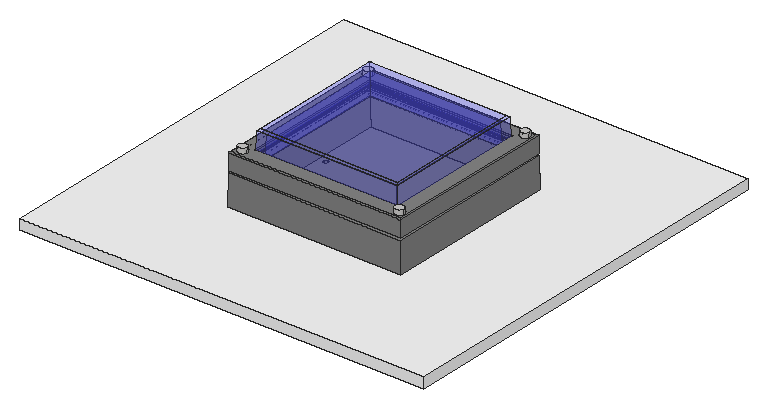
Revit family "BE_22663_de_DE", category Leuchten, Revit 2020
Family settings
  Basisbauteil = Fläche
  Bemaßung runder Anschluss = Durchmesser verwenden
  Teiletyp = Normal
  Beim Laden mit Abzugskörper schneiden = Ja
  Lichtquelle = Ja
  Gemeinsam genutzt = Nein
  Raumberechnungspunkt = Ja
Parameters (values of type "BEGA_22663_Grafit_K4")
  built-in parameter 1150104 = 11.613 (stored number, unit not read)
  Wattage = 4.2 W
  Default Elevation = 0 mm
  built-in parameter 1150113 = 1 (stored number, unit not read)
  built-in parameter 1114218 = 1 (stored number, unit not read)
  Umgebungstemperatur = "25 °C"
  URL = "https://www.bega.com/de/produkt/22663"
  Typenkommentare = "© 2022 BEGA. Wir behalten uns das Recht vor, technische Änderungen ohne vorherige Ankündigung vorzunehmen."  # constant formula
  Type Image = 22663.png
  built-in parameter 1150134 = 12
  built-in parameter 1150109 = 1 (stored number, unit not read)
  Strom = ""
  built-in parameter 1150110 = 1 (stored number, unit not read)
  Spannung = 239.996 V
  Sonderanfertigung = no
  Seriennummer [instance] = "Hier können Sie die eindeutige Seriennummer für das Facility Management eintragen."
  Schutzklasse = "I"
  Schutzart = "IP 65"
  Scheinlast = 0 VA
  Produktdatenblatt = "https://cdn.bega.com/bega/products/22663K4/current/documents/data-sheets/de"
  Oberflächentemperatur = ""
  Neigungswinkel = 0.00°
  Modell = "22663K4"
  Material_11 = BEGA_Glas_opal
  Material_06 = BEGA_Oberfläche_Edelstahl_gebürstet
  Material_02 = BEGA_Oberfläche_Silber_matt
  Material_01 [instance] = BEGA_Oberfläche_Grafit_matt
  M_W = no
  M_G = yes
  M_A = no
  Logo = 0
  built-in parameter 1114217 = 1 (stored number, unit not read)
  built-in parameter 1150139 = (empty or 0)
  built-in parameter 1150105 = 150.39 (stored number, unit not read)
  built-in parameter 1150114 = 1 (stored number, unit not read)
  Lumens = 525 lm
  built-in parameter 1150115 = 1 (stored number, unit not read)
  Leuchtenlichtstrom = "274 lm"
  Leuchtenanzahl = ""
  Lebensdauerkriterien = "L70B50 @ 25 °C = 200000 h"
  Lastklassifizierung = Beleuchtung
  built-in parameter 1150112 = 1 (stored number, unit not read)
  Lampenlichtstrom = "580 lm"
  Lampe = "LED 2.9 W"
  LED_Modulbezeichnung = "LED-0280/840"
  built-in parameter 1150142 = (empty or 0)
  Hersteller = "BEGA"  # constant formula
  Halbstreuwinkel = ""
  Gewicht = "1.3 kg"
  Gebrauchslageneinschränkung [instance] = ""
  Frequenz = "0/50-60 Hz"
  Farbwiedergabeindex = "CRI > 80"
  Farbtemperaturverschiebung bei Dämpfen der Lampe = <Keine Auswahl>
  Farbtemperatur = "4000 K"
  Color Filter = 16777215
  built-in parameter 1150133 = 10 (stored number, unit not read)
  Energieeffizienzklasse = "LED A++ - A"
  built-in parameter 1150137 = (empty or 0)
  built-in parameter 1150132 = (empty or 0)
  ENEC = "ja"
  Datei für fotometrisches Netz = "BE_22663K4.IES"
  CE_Konformität = "ja"
  Bestellnummer = "22663K4"
  Beschreibung_Sonderanfertigung = "Hier können Sie Informationen zur Sonderanfertigung eintragen."
  Beschreibung = "Decken- und Wandleuchte"
  built-in parameter 1150106 = 1.5039 (stored number, unit not read)
  Befestigungsbohrung = "Ø 4,3 mm"
  Befestigungsabstand = "115 mm"
  Ballwurfsicher = ""
  BEGA_Intern_aus = yes
  BEGA_Intern_an = yes
  BEGA_Intern_Konstruktion = yes
  BEGA_Intern = yes
  BEGA_IES3 = yes
  BEGA_IES2 = yes
  BEGA_IES1 = yes
  BEGA_IES = yes
  BEGA_Dummy = no
  Anschlussleitung = ""
  Anschlussleistung [instance] = "4 W"
  built-in parameter 1150107 = 4000 (stored number, unit not read)
  built-in parameter 1150102 = (empty or 0)
  built-in parameter 1150138 = (empty or 0)
  Aktualisierung = "2022-05-18T04:00:07"
  Abstand_zur_angestrahlten_Fläche [instance] = ""
  AC/DC = "AC/DC"
Types (2, lengths in mm): name | built-in parameter 1150104 | built-in parameter 1150134 | Modell | built-in parameter 1150105 | Lumens | Leuchtenlichtstrom | Lampenlichtstrom | LED_Modulbezeichnung | Farbtemperatur | Datei für fotometrisches Netz | Bestellnummer | built-in parameter 1150106 | built-in parameter 1150107
  BEGA_22663_Grafit_K4 | 11.613 (stored number, unit not read) | 12 | "22663K4" | 150.39 (stored number, unit not read) | 525 lm | "274 lm" | "580 lm" | "LED-0280/840" | "4000 K" | "BE_22663K4.IES" | "22663K4" | 1.5039 (stored number, unit not read) | 4000 (stored number, unit not read)
  BEGA_22663_Grafit_K3 | 10.839 (stored number, unit not read) | (empty or 0) | "22663K3" | 140.45 (stored number, unit not read) | 490.014 lm | "267 lm" | "565 lm" | "LED-0280/830" | "3000 K" | "BE_22663K3.IES" | "22663K3" | 1.4045 (stored number, unit not read) | 3000 (stored number, unit not read)
Reference planes
  plane 1 "Mitte (Vorne/Hinten)": y = 0
  plane 2: z = 0
  plane 3 "Mitte (Links/Rechts)": x = 0
  plane 4 "Links": x = -85.861
  plane 5 "Rechts": x = 85.861
  plane 6 "Unten": y = -85.861
  plane 7 "Oben": y = 85.861
  plane 8 "Vorne": z = 67.9
Forms (mm)
  Extrusion 1, solid, material "BEGA_Platte_Weiss"
    sketch origin (0, -1119.2, 0) x (1, 0, 0) y (0, 1, 0)
      loop
        line (-200, 1319.2) -> (-200, 919.2) -> (200, 919.2) -> (200, 1319.2) -> (-200, 1319.2)
    from 0 to -10
  Extrusion 2, solid, material "BEGA_Dummy_matt", visible <- "BEGA_Dummy"
    sketch origin (80.095, -76.023, 0) x (1, 0, 0) y (0, 1, 0)
      loop
        line (-165.956, 161.884) -> (-165.956, -9.838) -> (5.765, -9.838) -> (5.765, 161.884) -> (-165.956, 161.884)
    from 0 to 67.9
Dimensions and locks
  plane 1 "Mitte (Vorne/Hinten)" to Extrusion 1 = 200 mm
  aligned and locked: plane 2 to Extrusion 1
  aligned and locked: level to Extrusion 1
Nested families
  nested 1: "BE_22663" at (0, 0, 0), type "BE_22663"
Connectors
  electrical at (0, 0, 0), driven by "Lastklassifizierung", driven by "Spannung", driven by "Scheinlast"
    settings: index 1, voltage 239.996 V, apparent load 0 VA, apparent load phase1 0 VA, apparent load phase2 0 VA, apparent load phase3 0 VA, power factor 1, load classification "Beleuchtung", number of poles 1, system type 31, power factor state 1, is connector primary yes, connector utility no, sub classification motor no, connector description ""
Definition of nested family "BE_22663"
  Parameters (values of type "BE_22663")
    Default Elevation = 1 mm
    URL = "http://www.bega.de/de/produkt"
    Type Comments = "© 2015 BEGA. Wir behalten uns das Recht vor, technische Änderungen ohne vorherige Ankündigung vorzunehmen. "  # constant formula
    Type Image = (empty or 0)
    Material_17 = none
    Material_15 = none
    Material_11 = none
    Material_09 = none
    Material_06 = none
    Material_02 = none
    Material_01 = none
    M_W = yes
    M_G = yes
    M_A = yes
    Länge_Platte = 200 mm  # constant formula
    Höhe_Platte = -10 mm  # constant formula
    Manufacturer = "BEGA"  # constant formula
    Breite_Platte = 200 mm  # constant formula
  Reference planes
    plane 1 "Mitte (Oben/Unten)": y = 0
    plane 2: z = 0
    plane 3 "Mitte (Links/Rechts)": x = 0
    plane 4 "Vorne": z = 67.9
    plane 5: x = 85.861
    plane 6: x = -85.861
    plane 7: y = 85.861
    plane 8: y = -85.861
  Forms (mm)
    Extrusion 1, solid, detail levels medium
      sketch origin (0, 0, 0) x (1, 0, 0) y (0, 1, 0)
        loop
          line (-100, 100) -> (-100, -100) -> (100, -100) -> (100, 100) -> (-100, 100)
      from 0 to -10 <- "Höhe_Platte"
    Sweep 2, solid, material <- "Material_01", visible <- "M_G", detail levels medium+fine
      path origin (0, 0, 0) x (1, 0, 0) y (0, 1, 0)
        loop
          line (85.861, -85.861) -> (85.861, 85.861) -> (-85.861, 85.861) -> (-85.861, -85.861) -> (85.861, -85.861)
      profile origin (85.861, 0, 0) x (-1, 0, 0) y (0, 0, 1)
        loop
          line (0.532, 30.5) -> (0, 0) -> (2.5, 0) -> (2.955, 26.035)
          arc (2.955, 26.035) -> (3.553, 27.427) -> (4.955, 28) r 2
          line (4.955, 28) -> (6.29, 28) -> (6.351, 31.527)
          arc (6.351, 31.527) -> (6.949, 32.926) -> (8.358, 33.5) r 2
          line (8.358, 33.5) -> (13.763, 33.5) -> (17.704, 11.146)
          arc (17.704, 11.146) -> (18.39, 9.966) -> (19.673, 9.5) r 2
          line (19.673, 9.5) -> (40.124, 9.5) -> (40.124, 12) -> (20.092, 12) -> (15.861, 36) -> (3.929, 36) -> (3.833, 30.5) -> (0.532, 30.5)
    Extrusion 3, solid, material <- "Material_01", visible <- "M_G", detail levels medium+fine
      sketch origin (0, 0, 0) x (1, 0, 0) y (0, 1, 0)
        loop
          line (45.736, -45.736) -> (45.736, 45.736) -> (-45.736, 45.736) -> (-45.736, -45.736) -> (45.736, -45.736)
      from 9.5 to 12
    Sweep 4, solid, material <- "Material_01", visible <- "M_G", detail levels medium+fine
      path in 3D
        loop
          line (85.861, 85.861, 0) -> (-85.861, 85.861, 0) -> (-85.861, -85.861, 0) -> (85.861, -85.861, 0) -> (85.861, 85.861, 0)
      profile origin (85.861, 0, 0) x (1, 0, 0) y (0, 0, -1)
        loop
          line (-15.058, -46.3) -> (-15.111, -47.8) -> (-15.058, -49.3) -> (-1.843, -49.3)
          arc (-1.843, -49.3) -> (-1.143, -49.014) -> (-0.843, -48.319) r 1
          line (-0.843, -48.319) -> (-0.567, -32.5) -> (-3.367, -32.5) -> (-3.591, -45.316)
          arc (-3.591, -45.316) -> (-3.89, -46.013) -> (-4.591, -46.3) r 1
          line (-4.591, -46.3) -> (-15.058, -46.3)
    Sweep 5, solid, material <- "Material_11", detail levels medium+fine
      path in 3D
        loop
          line (85.861, 85.861, 0) -> (-85.861, 85.861, 0) -> (-85.861, -85.861, 0) -> (85.861, -85.861, 0) -> (85.861, 85.861, 0)
      profile origin (85.861, 0, 0) x (1, 0, 0) y (0, 0, -1)
        loop
          line (-16.236, -66.101) -> (-15.495, -44.9)
          arc (-15.495, -44.9) -> (-15.19, -44.181) -> (-14.495, -43.9) r 1
          line (-14.495, -43.9) -> (-11.361, -43.9)
          arc (-11.361, -43.9) -> (-11.007, -43.754) -> (-10.861, -43.4) r 0.5
          line (-10.861, -43.4) -> (-10.861, -39.4)
          arc (-10.861, -39.4) -> (-11.007, -39.046) -> (-11.361, -38.9) r 0.5
          line (-11.361, -38.9) -> (-20.728, -38.9) -> (-21.548, -62.4) -> (-48.828, -62.4) -> (-48.828, -67.9) -> (-18.165, -67.9) -> (-16.236, -66.101)
    Extrusion 6, void
      sketch origin (0, 0, 0) x (1, 0, 0) y (0, 1, 0)
        loop
          circle (-77.5, 77.5) r 4.6
        loop
          circle (77.5, 77.5) r 4.6
        loop
          circle (-77.5, -77.5) r 4.6
        loop
          circle (77.5, -77.5) r 4.6
      from 48.299 to 49.3
    Extrusion 7, solid, material <- "Material_06", detail levels fine
      sketch origin (0, 0, 0) x (1, 0, 0) y (0, 1, 0)
        loop
          circle (-77.5, 77.5) r 4.25
        loop
          circle (-77.5, -77.5) r 4.25
        loop
          circle (77.5, 77.5) r 4.25
        loop
          circle (77.5, -77.5) r 4.25
      from 48.299 to 53.3
    Extrusion 8, solid, material <- "Material_11", detail levels medium+fine
      sketch origin (0, 0, 0) x (1, 0, 0) y (0, 1, 0)
        loop
          line (-37.032, -37.032) -> (37.032, -37.032) -> (37.032, 37.032) -> (-37.032, 37.032) -> (-37.032, -37.032)
      from 62.4 to 67.9
    Extrusion 9, void
      sketch origin (0, 0, 0) x (1, 0, 0) y (0, 1, 0)
        loop
          circle (59.12, -29.5) r 7.5
        loop
          circle (59.12, -54.264) r 7.5
        loop
          circle (-57.5, 0) r 2.145
        loop
          circle (57.5, 0) r 2.145
      from 0 to 15.893
    Extrusion 10, solid, material <- "Material_01", visible <- "M_G", detail levels medium+fine
      sketch origin (0, 0, 0) x (1, 0, 0) y (0, 1, 0)
        loop
          circle (-57.5, 0) r 7.2
        loop
          circle (57.5, 0) r 7.2
      from 0.5 to 9.5
  Cuts and joins
    Extrusion 9 cuts Sweep 2
    Extrusion 9 cuts Extrusion 3
    Extrusion 9 cuts Extrusion 10
    joined: Sweep 2, Extrusion 3, Extrusion 10
    Extrusion 6 cuts Sweep 4
    Extrusion 6, Extrusion 9 cuts Sweep 5
    Extrusion 9 cuts Extrusion 8
    joined: Sweep 5, Extrusion 8
  Lines and regions (mm)
    sketch lines
      curve 1: line (85.861, -85.861, 0) -> (85.861, 85.861, 0)
      curve 2: line (85.861, 85.861, 0) -> (-85.861, 85.861, 0)
      curve 3: line (-85.861, 85.861, 0) -> (-85.861, -85.861, 0)
      curve 4: line (-85.861, -85.861, 0) -> (85.861, -85.861, 0)
      curve 5: line (85.861, -85.861, 0) -> (85.861, 85.861, 0)
      curve 6: line (85.861, 85.861, 0) -> (-85.861, 85.861, 0)
      curve 7: line (-85.861, 85.861, 0) -> (-85.861, -85.861, 0)
      curve 8: line (-85.861, -85.861, 0) -> (85.861, -85.861, 0)
  Dimensions and locks
    equal spacing: Extrusion 1 sketch curve, plane 3 "Mitte (Links/Rechts)", Extrusion 1 sketch curve
    equal spacing: Extrusion 1 sketch curve, plane 1 "Mitte (Oben/Unten)", Extrusion 1 sketch curve
    "Länge_Platte": Extrusion 1 sketch curve to Extrusion 1 sketch curve
    "Breite_Platte": Extrusion 1 sketch curve to Extrusion 1 sketch curve
    aligned and locked: Extrusion 1 to plane 2
    aligned and locked: level to Extrusion 1
  Automatic sketch dimensions
    plane 3 "Mitte (Links/Rechts)" to Sweep 2 sketch curve = 85.861 mm
    Sweep 2 sketch curve to plane 1 "Mitte (Oben/Unten)" = 85.861 mm
    Sweep 2 sketch curve to plane 3 "Mitte (Links/Rechts)" = 85.861 mm
    plane 1 "Mitte (Oben/Unten)" to Sweep 2 sketch curve = 85.861 mm
    Sweep 2 sketch curve to level = 0 mm
    Sweep 2 sketch curve to profile plane = 0 mm
    Sweep 2 sketch curve to profile plane = 0.532 mm
    Sweep 2 sketch curve to profile plane = 2.955 mm
    Sweep 2 sketch curve to Sweep 2 sketch curve = 3.301 mm
    Sweep 2 sketch curve to profile plane = 3.929 mm
    Sweep 2 sketch curve to Sweep 2 sketch curve = 1.122 mm
    Sweep 2 sketch curve to Sweep 2 sketch curve = 1.335 mm
    Sweep 2 sketch curve to Sweep 2 sketch curve = 2.518 mm
    Sweep 2 sketch curve to Sweep 2 sketch curve = 2 mm
    Sweep 2 sketch curve to Sweep 2 sketch curve = 0.007 mm
    Sweep 2 sketch curve to Sweep 2 sketch curve = 5.405 mm
    Sweep 2 sketch curve to Sweep 2 sketch curve = 2.098 mm
    Sweep 2 sketch curve to profile plane = 17.704 mm
    Sweep 2 sketch curve to Sweep 2 sketch curve = 20.032 mm
    level to Sweep 2 sketch curve = 9.5 mm
    Sweep 2 sketch curve to Sweep 2 sketch curve = 14 mm
    Sweep 2 sketch curve to Sweep 2 sketch curve = 0.035 mm
    Sweep 2 sketch curve to Sweep 2 sketch curve = 2.5 mm  (x2)
    Sweep 2 sketch curve to Sweep 2 sketch curve = 3.5 mm
    Sweep 2 sketch curve to Sweep 2 sketch curve = 0.027 mm
    Sweep 2 sketch curve to profile plane = 2.5 mm
    Sweep 2 sketch curve to Sweep 2 sketch curve = 0.419 mm
    Sweep 2 sketch curve to Sweep 2 sketch curve = 0.5 mm
    Sweep 2 sketch curve to Sweep 2 sketch curve = 1.968 mm
    Sweep 2 sketch curve to Sweep 2 sketch curve = 0.354 mm
    Extrusion 3 sketch curve to plane 3 "Mitte (Links/Rechts)" = 45.736 mm
    plane 1 "Mitte (Oben/Unten)" to Extrusion 3 sketch curve = 45.736 mm
    plane 3 "Mitte (Links/Rechts)" to Extrusion 3 sketch curve = 45.736 mm
    Extrusion 3 sketch curve to plane 1 "Mitte (Oben/Unten)" = 45.736 mm
    profile plane to Sweep 4 sketch curve = 15.111 mm
    Sweep 4 sketch curve to profile plane = 47.8 mm
    Sweep 4 sketch curve to Sweep 4 sketch curve = 0.052 mm  (x2)
    Sweep 4 sketch curve to Sweep 4 sketch curve = 1.5 mm  (x2)
    profile plane to Sweep 4 sketch curve = 4.591 mm
    profile plane to Sweep 4 sketch curve = 1.843 mm
    Sweep 4 sketch curve to Sweep 4 sketch curve = 1 mm  (x3)
    profile plane to Sweep 4 sketch curve = 0.843 mm
    profile plane to Sweep 4 sketch curve = 0.567 mm
    Sweep 4 sketch curve to Sweep 4 sketch curve = 12.816 mm
    Sweep 4 sketch curve to Sweep 4 sketch curve = 2.8 mm
    profile plane to Sweep 5 sketch curve = 21.548 mm
    profile plane to Sweep 5 sketch curve = 20.728 mm
    Sweep 5 sketch curve to Sweep 5 sketch curve = 6.233 mm
    Sweep 5 sketch curve to Sweep 5 sketch curve = 3.134 mm
    Sweep 5 sketch curve to Sweep 5 sketch curve = 0 mm  (x2)
    Sweep 5 sketch curve to Sweep 5 sketch curve = 0.5 mm
    Sweep 5 sketch curve to profile plane = 62.4 mm
    Sweep 5 sketch curve to Sweep 5 sketch curve = 17.5 mm
    Sweep 5 sketch curve to Sweep 5 sketch curve = 1 mm
    Sweep 5 sketch curve to Sweep 5 sketch curve = 4 mm
    Sweep 5 sketch curve to Sweep 5 sketch curve = 27.28 mm
    Sweep 5 sketch curve to Sweep 5 sketch curve = 5.312 mm
    Sweep 5 sketch curve to Sweep 5 sketch curve = 0.001 mm
    Sweep 5 sketch curve to Sweep 5 sketch curve = 3.701 mm
    Sweep 5 sketch curve to Sweep 5 sketch curve = 0.035 mm
    Sweep 5 sketch curve to Sweep 5 sketch curve = 1.929 mm
    Sweep 5 sketch curve to Sweep 5 sketch curve = 1.799 mm
    Extrusion 6 sketch curve to plane 3 "Mitte (Links/Rechts)" = 77.5 mm  (x2)
    plane 3 "Mitte (Links/Rechts)" to Extrusion 6 sketch curve = 77.5 mm  (x2)
    plane 1 "Mitte (Oben/Unten)" to Extrusion 6 sketch curve = 77.5 mm  (x2)
    Extrusion 6 sketch curve to plane 1 "Mitte (Oben/Unten)" = 77.5 mm  (x2)
    Extrusion 7 sketch curve to plane 3 "Mitte (Links/Rechts)" = 77.5 mm  (x2)
    plane 3 "Mitte (Links/Rechts)" to Extrusion 7 sketch curve = 77.5 mm  (x2)
    plane 1 "Mitte (Oben/Unten)" to Extrusion 7 sketch curve = 77.5 mm  (x2)
    Extrusion 7 sketch curve to plane 1 "Mitte (Oben/Unten)" = 77.5 mm  (x2)
    Extrusion 8 sketch curve to plane 3 "Mitte (Links/Rechts)" = 37.032 mm
    plane 1 "Mitte (Oben/Unten)" to Extrusion 8 sketch curve = 37.032 mm
    plane 3 "Mitte (Links/Rechts)" to Extrusion 8 sketch curve = 37.032 mm
    Extrusion 8 sketch curve to plane 1 "Mitte (Oben/Unten)" = 37.032 mm
    Extrusion 9 sketch curve to Extrusion 9 sketch curve = 0 mm
    plane 1 "Mitte (Oben/Unten)" to Extrusion 9 sketch curve = 29.5 mm
    Extrusion 9 sketch curve to Extrusion 9 sketch curve = 24.764 mm
    plane 3 "Mitte (Links/Rechts)" to Extrusion 9 sketch curve = 59.12 mm
    plane 1 "Mitte (Oben/Unten)" to Extrusion 10 sketch curve = 0 mm  (x2)
    Extrusion 10 sketch curve to plane 3 "Mitte (Links/Rechts)" = 57.5 mm
    plane 3 "Mitte (Links/Rechts)" to Extrusion 10 sketch curve = 57.5 mm
    radius of Extrusion 6 sketch curve = 4.6 mm  (x4)
    radius of Extrusion 7 sketch curve = 4.25 mm  (x4)
    radius of Extrusion 9 sketch curve = 7.5 mm  (x2)
    radius of Extrusion 10 sketch curve = 7.2 mm  (x2)
